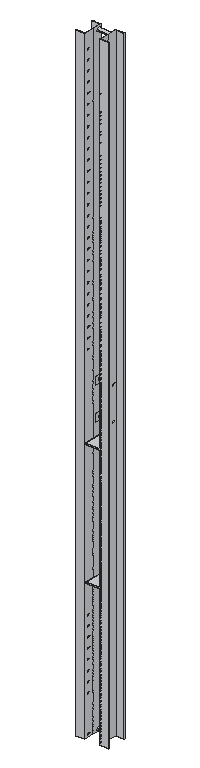
Revit family "051150_StrongbacksCB380", category Generic Models, Revit 2018
Family settings
  Can host rebar = No
  Round Connector Dimension = Use Diameter
  Part Type = Normal
  Work Plane-Based = No
  Always vertical = Yes
  Cut with Voids When Loaded = No
  Shared = No
  Room Calculation Point = No
Reference planes
  plane 1 "Center (Front/Back)": y = 0
  plane 2: z = 0
  plane 3 "Center (Left/Right)": x = 0
  plane 4: z = 240
  plane 5: z = 660
  plane 6: z = 2090
  plane 7: z = 3710
  plane 8: z = 3800
Forms (mm)
  Extrusion 1, solid
    sketch origin (0, 0, 0) x (1, 0, 0) y (0, 1, 0)
      loop
        line (43, 0) -> (43, -60) -> (98, -60) -> (98, -55) -> (48, -55) -> (48, 0) -> (48, 55) -> (98, 55) -> (98, 60) -> (43, 60) -> (43, 0)
      loop
        line (-43, 0) -> (-43, 60) -> (-98, 60) -> (-98, 55) -> (-48, 55) -> (-48, 0) -> (-48, -55) -> (-98, -55) -> (-98, -60) -> (-43, -60) -> (-43, 0)
    from 0 to 3800
  Extrusion 2, void
    sketch origin (0, -3.14, 0) x (0, 1, 0) y (0, 0, 1)
      loop
        circle (-34.234, 240) r 10
    from -98 to 98
  Extrusion 3, void
    sketch origin (0, -3.14, 60) x (0, 1, 0) y (0, 0, 1)
      loop
        circle (-34.234, 240) r 10
    from -98 to 98
  Extrusion 4, void
    sketch origin (0, -3.14, 120) x (0, 1, 0) y (0, 0, 1)
      loop
        circle (-34.234, 240) r 10
    from -98 to 98
  Extrusion 5, void
    sketch origin (0, -3.14, 180) x (0, 1, 0) y (0, 0, 1)
      loop
        circle (-34.234, 240) r 10
    from -98 to 98
  Extrusion 6, void
    sketch origin (0, -3.14, 240) x (0, 1, 0) y (0, 0, 1)
      loop
        circle (-34.234, 240) r 10
    from -98 to 98
  Extrusion 7, void
    sketch origin (0, -3.14, 300) x (0, 1, 0) y (0, 0, 1)
      loop
        circle (-34.234, 240) r 10
    from -98 to 98
  Extrusion 8, void
    sketch origin (0, -3.14, 360) x (0, 1, 0) y (0, 0, 1)
      loop
        circle (-34.234, 240) r 10
    from -98 to 98
  Extrusion 9, void
    sketch origin (0, -3.14, 420) x (0, 1, 0) y (0, 0, 1)
      loop
        circle (-34.234, 240) r 10
    from -98 to 98
  Extrusion 10, void
    sketch origin (0, -3.14, 1850) x (0, 1, 0) y (0, 0, 1)
      loop
        circle (-34.234, 240) r 10
    from -98 to 98
  Extrusion 11, void
    sketch origin (0, -3.14, 1910) x (0, 1, 0) y (0, 0, 1)
      loop
        circle (-34.234, 240) r 10
    from -98 to 98
  Extrusion 12, void
    sketch origin (0, -3.14, 1970) x (0, 1, 0) y (0, 0, 1)
      loop
        circle (-34.234, 240) r 10
    from -98 to 98
  Extrusion 13, void
    sketch origin (0, -3.14, 2030) x (0, 1, 0) y (0, 0, 1)
      loop
        circle (-34.234, 240) r 10
    from -98 to 98
  Extrusion 14, void
    sketch origin (0, -3.14, 2089.918) x (0, 1, 0) y (0, 0, 1)
      loop
        circle (-34.234, 240) r 10
    from -98 to 98
  Extrusion 15, void
    sketch origin (0, -3.14, 2149.918) x (0, 1, 0) y (0, 0, 1)
      loop
        circle (-34.234, 240) r 10
    from -98 to 98
  Extrusion 16, void
    sketch origin (0, -3.14, 2209.918) x (0, 1, 0) y (0, 0, 1)
      loop
        circle (-34.234, 240) r 10
    from -98 to 98
  Extrusion 17, void
    sketch origin (0, -3.14, 2269.918) x (0, 1, 0) y (0, 0, 1)
      loop
        circle (-34.234, 240) r 10
    from -98 to 98
  Extrusion 18, void
    sketch origin (0, -3.14, 2329.918) x (0, 1, 0) y (0, 0, 1)
      loop
        circle (-34.234, 240) r 10
    from -98 to 98
  Extrusion 19, solid
    sketch origin (0, 3.14, 3542.418) x (0, -1, 0) y (0, 0, -1)
      loop
        circle (-34.234, -240) r 10
    from -48 to 48
  Extrusion 20, void
    sketch origin (0, -3.14, 257.582) x (0, 1, 0) y (0, 0, 1)
      loop
        circle (-34.234, -240) r 10
    from -48 to 48
  Extrusion 21, void
    sketch origin (0, 3.14, 1660) x (0, -1, 0) y (0, 0, -1)
      loop
        circle (-34.234, -240) r 10
    from -98 to 98
  Extrusion 22, void
    sketch origin (0, 3.14, 1460) x (0, -1, 0) y (0, 0, -1)
      loop
        circle (-34.234, -240) r 10
    from -98 to 98
  Extrusion 23, solid
    sketch origin (0, 0, 0) x (1, 0, 0) y (0, 1, 0)
      loop
        line (-43, 60) -> (-43, -60) -> (43, -60) -> (43, 60) -> (-43, 60)
    from 840 to 845
  Extrusion 24, solid
    sketch origin (0, 0, 790) x (1, 0, 0) y (0, 1, 0)
      loop
        line (-43, 60) -> (-43, -60) -> (43, -60) -> (43, 60) -> (-43, 60)
    from 800 to 805
  Extrusion 25, solid
    sketch origin (-462, 0, -1.954) x (0, 1, 0) y (0, 0, 1)
      loop
        line (60, 1923.781) -> (14, 1923.781) -> (14, 1877.781) -> (60, 1877.781) -> (60, 1923.781)
      loop
        line (60, 1723.781) -> (14, 1723.781) -> (14, 1677.781) -> (60, 1677.781) -> (60, 1723.781)
    from 500 to 505
  Extrusion 26, solid
    sketch origin (462, 0, -1.954) x (0, 1, 0) y (0, 0, -1)
      loop
        line (60, -1923.781) -> (60, -1877.781) -> (14, -1877.781) -> (14, -1923.781) -> (60, -1923.781)
      loop
        line (60, -1723.781) -> (60, -1677.781) -> (14, -1677.781) -> (14, -1723.781) -> (60, -1723.781)
    from 500 to 505
  Extrusion 27, solid
    sketch origin (0, 3.14, 257.582) x (0, -1, 0) y (0, 0, -1)
      loop
        circle (-34.234, 240) r 10
    from -48 to 48
  Extrusion 28, void
    sketch origin (0, -3.14, 2390) x (0, 1, 0) y (0, 0, 1)
      loop
        circle (-34.234, 240) r 10
    from -98 to 98
  Extrusion 29, void
    sketch origin (0, -3.14, 2450) x (0, 1, 0) y (0, 0, 1)
      loop
        circle (-34.234, 240) r 10
    from -98 to 98
  Extrusion 30, void
    sketch origin (0, -3.14, 2510) x (0, 1, 0) y (0, 0, 1)
      loop
        circle (-34.234, 240) r 10
    from -98 to 98
  Extrusion 31, void
    sketch origin (0, -3.14, 2570) x (0, 1, 0) y (0, 0, 1)
      loop
        circle (-34.234, 240) r 10
    from -98 to 98
  Extrusion 32, void
    sketch origin (0, -3.14, 2629.918) x (0, 1, 0) y (0, 0, 1)
      loop
        circle (-34.234, 240) r 10
    from -98 to 98
  Extrusion 33, void
    sketch origin (0, -3.14, 2689.918) x (0, 1, 0) y (0, 0, 1)
      loop
        circle (-34.234, 240) r 10
    from -98 to 98
  Extrusion 34, void
    sketch origin (0, -3.14, 2749.918) x (0, 1, 0) y (0, 0, 1)
      loop
        circle (-34.234, 240) r 10
    from -98 to 98
  Extrusion 35, void
    sketch origin (0, -3.14, 2809.918) x (0, 1, 0) y (0, 0, 1)
      loop
        circle (-34.234, 240) r 10
    from -98 to 98
  Extrusion 36, void
    sketch origin (0, -3.14, 2869.918) x (0, 1, 0) y (0, 0, 1)
      loop
        circle (-34.234, 240) r 10
    from -98 to 98
  Extrusion 37, void
    sketch origin (0, -3.14, 2930) x (0, 1, 0) y (0, 0, 1)
      loop
        circle (-34.234, 240) r 10
    from -98 to 98
  Extrusion 38, void
    sketch origin (0, -3.14, 2990) x (0, 1, 0) y (0, 0, 1)
      loop
        circle (-34.234, 240) r 10
    from -98 to 98
  Extrusion 39, void
    sketch origin (0, -3.14, 3050) x (0, 1, 0) y (0, 0, 1)
      loop
        circle (-34.234, 240) r 10
    from -98 to 98
  Extrusion 40, void
    sketch origin (0, -3.14, 3110) x (0, 1, 0) y (0, 0, 1)
      loop
        circle (-34.234, 240) r 10
    from -98 to 98
  Extrusion 41, void
    sketch origin (0, -3.14, 3169.918) x (0, 1, 0) y (0, 0, 1)
      loop
        circle (-34.234, 240) r 10
    from -98 to 98
  Extrusion 42, void
    sketch origin (0, -3.14, 3229.918) x (0, 1, 0) y (0, 0, 1)
      loop
        circle (-34.234, 240) r 10
    from -98 to 98
  Extrusion 43, void
    sketch origin (0, -3.14, 3289.918) x (0, 1, 0) y (0, 0, 1)
      loop
        circle (-34.234, 240) r 10
    from -98 to 98
  Extrusion 44, void
    sketch origin (0, -3.14, 3349.918) x (0, 1, 0) y (0, 0, 1)
      loop
        circle (-34.234, 240) r 10
    from -98 to 98
  Extrusion 45, void
    sketch origin (0, -3.14, 3409.918) x (0, 1, 0) y (0, 0, 1)
      loop
        circle (-34.234, 240) r 10
    from -98 to 98
  Extrusion 46, void
    sketch origin (0, -3.14, 3469.918) x (0, 1, 0) y (0, 0, 1)
      loop
        circle (-34.234, 240) r 10
    from -98 to 98
Cuts and joins
  Extrusion 2, Extrusion 3, Extrusion 4, Extrusion 5, Extrusion 6, Extrusion 7, Extrusion 8, Extrusion 9, Extrusion 10, Extrusion 11, Extrusion 12, Extrusion 13, Extrusion 14, Extrusion 15, Extrusion 16, Extrusion 17, Extrusion 18, Extrusion 20, Extrusion 21, Extrusion 22, Extrusion 28, Extrusion 29, Extrusion 30, Extrusion 31, Extrusion 32, Extrusion 33, Extrusion 34, Extrusion 35, Extrusion 36, Extrusion 37, Extrusion 38, Extrusion 39, Extrusion 40, Extrusion 41, Extrusion 42, Extrusion 43, Extrusion 44, Extrusion 45, Extrusion 46 cuts Extrusion 1
  Extrusion 21, Extrusion 22 cuts Extrusion 23
  Extrusion 21, Extrusion 22 cuts Extrusion 24
  Extrusion 21, Extrusion 22 cuts Extrusion 25
  Extrusion 21, Extrusion 22 cuts Extrusion 26
  Extrusion 21, Extrusion 22 cuts Extrusion 27
  joined: Extrusion 1, Extrusion 19, Extrusion 23, Extrusion 24, Extrusion 25, Extrusion 26, Extrusion 27
Dimensions and locks
  plane 8 to plane 7 to plane 6 to plane 5 to plane 4 to level = 90 mm, 1620 mm, 1430 mm, 420 mm, 240 mm
  plane 8 to level = 3800 mm
  aligned and locked: level to plane 2
  aligned and locked: plane 8 to Extrusion 1
